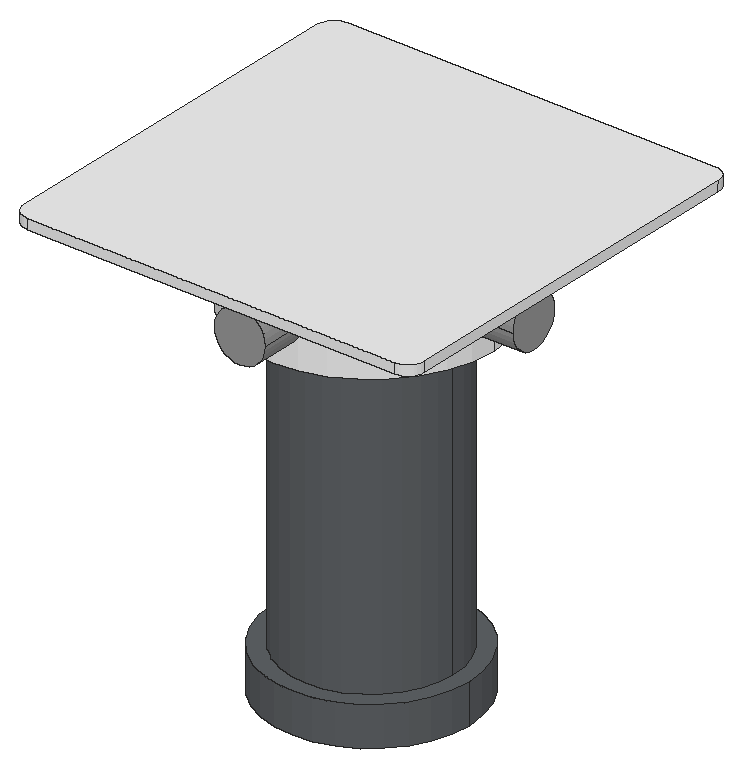
Revit family "KEUCO_59548000170_", category Generic Models, Revit 2016
Family settings
  Part Type = Normal
  Can host rebar = No
  Round Connector Dimension = Use Diameter
  Work Plane-Based = Yes
  Always vertical = No
  Cut with Voids When Loaded = No
  Shared = No
  Room Calculation Point = No
Parameters (values of type "59548000170")
  Verwendung = "DU / WA / ZU"  # constant formula
  Preisgruppe = ""
  Kategorie = "ARM"
  Gewicht = 0
  Breite = 45 mm
  URL = "https://www.keuco.com/de/produkte/sortiment/artikel/?pid=59548&oid=14&pgo=9&country=de&lang=de&vid=59548000170"
  Materialien bei Hersteller anfragen = "Anfrage zu:  objektmanagement@keuco.de"
  Description = "Grundkörper für Wandeinbau,\r\nEinbautiefe 80 - 110 mm"
  Default Elevation = 1219.2 mm
  Serie = "Plan"  # constant formula
  Material = Stahl, verchromt
  Manufacturer = "KEUCO"  # constant formula
  Assembly Code = ""
  Ausschreibungstext = "KEUCO IXMO UP Funktionseinheit für 3-Wege Umstellventil \r\nmit Schlauchanschluss DN15, 59548000170\r\nschallentkoppelter Grundkörper aus entzinkungsarmen Messing\r\nfür den Wandeinbau, frei positionierbar,\r\nEinbautiefe von 80 – 110mm,\r\nGrundplatte mit Einstellschrauben zur optimalen Ausrichtung, \r\nAnschlüsse G 1/2 Zoll mit farblicher Kennzeichnung,\r\nHinweis: passend zu Artikel-Nr. \r\n59548010101, 59548010102, 59548010201\r\n59548010202, 59549010101, 59549010102\r\n59549010201, 59549010202, 59548011101\r\n59548011102, 59548011201, 59548011202\r\n59549011101, 59549011102, 59549011201\r\n59549011202"
  Artikelnummer = "59548000170"
Reference planes
  plane 1 "Center (Front/Back)": y = 0
  plane 2: z = 0
  plane 3 "Center (Left/Right)": x = 0
Forms (mm)
  Extrusion 1, solid, material "Stahl, verchromt" <- "Material"
    sketch origin (0, 16.5, -23) x (1, 0, 0) y (0, 1, 0)
      loop
        circle (0.019, -16.484) r 37.5
    from -7 to 20
  Extrusion 2, solid, material "Stahl, verchromt" <- "Material"
    sketch origin (0, 16.5, 0) x (0, 1, 0) y (-1, 0, 0)
      loop
        arc (44.5, 56) -> (43.036, 59.536) -> (39.5, 61) r 5
        line (39.5, 61) -> (-72.5, 61)
        arc (-72.5, 61) -> (-76.036, 59.536) -> (-77.5, 56) r 5
        line (-77.5, 56) -> (-77.5, -56)
        arc (-77.5, -56) -> (-76.036, -59.536) -> (-72.5, -61) r 5
        line (-72.5, -61) -> (39.5, -61)
        arc (39.5, -61) -> (43.036, -59.536) -> (44.5, -56) r 5
        line (44.5, -56) -> (44.5, 56)
    from 0 to -3
  Extrusion 3, solid, material "Schwarzgrau"
    sketch origin (0, 16.5, -145) x (0, 1, 0) y (-1, 0, 0)
      loop
        circle (-16.5, 0) r 25
    from 21.987 to 115
  Extrusion 4, solid, material "Brass, Soft Yellow, Welded"
    sketch origin (0, -0.002, -32.959) x (1, 0, 0) y (0, 0, -1)
      loop
        circle (0, -15.638) r 7.801
    from 35.359 to 50.002
  Extrusion 5, solid, material "Brass, Soft Yellow, Welded"
    sketch origin (0, 0.002, -32.959) x (1, 0, 0) y (0, 0, 1)
      loop
        circle (0, 15.638) r 7.801
    from 35.359 to 50.002
  Extrusion 6, solid, material "Brass, Soft Yellow, Welded"
    sketch origin (10.617, -0.559, -32.959) x (0, 1, 0) y (0, 0, 1)
      loop
        circle (0, 15.638) r 7.801
    from 25.751 to 39.383
  Extrusion 7, solid, material "Schwarzgrau"
    sketch origin (0, 16.5, -170) x (0, 1, 0) y (-1, 0, 0)
      loop
        circle (-16.5, 0) r 30
    from 46.987 to 35
Dimensions and locks
  Extrusion 1 to Extrusion 1 = 27 mm
  aligned and locked: level to plane 2
